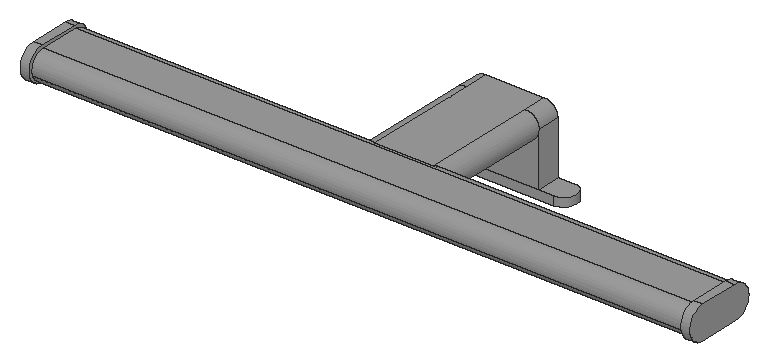
Revit family "0043241 Sylvania Lighting Fixture SYLMIRROR LED SLIM IP44 WW Horizontal mount", category Lighting Fixtures, host Face, Revit 2016
Family settings
  Host = Face
  Part Type = Normal
  Round Connector Dimension = Use Diameter
  OmniClass Number = 23.80.70.00
  OmniClass Title = Lighting
  Cut with Voids When Loaded = No
  Light Source = No
  Shared = No
  Room Calculation Point = No
Parameters (values of type "0043241 SYLMIRROR LED SLIM IP44 WW Horizontal mount")
  Weight = "1.236 kg"
  Wattage Comments = ""
  WarrantyStartDate [instance] = "n/a"
  WarrantyGuarantorParts = "n/a"
  WarrantyDurationUnit = "n/a"
  WarrantyDurationParts = "n/a"
  WarrantyDescription = "n/a"
  Voltage = 230 V
  URL = "http://www.sylvania-lighting.com"
  TypeName = "SYLMIRROR LED SLIM IP44 WW Horizontal mount"
  TypeLamp_SYÉ = SylMirror LED Slim : 0043241 SylMirror LED Slim
  Type Image = <None>
  Type Comments = "n/a"
  SerialNumber [instance] = "n/a"
  Material_3_FEILO = none
  PowerFactor = 0
  PowerConsumption = "8 W"
  NominalLength = 400 mm
  NominalHeight = 46.8 mm
  NominalDepth = 119.7 mm
  Name = "SYLMIRROR LED SLIM IP44 WW Horizontal mount"
  ModelReference = Name  # "SYLMIRROR LED SLIM IP44 WW Horizontal mount"
  ModelNumber = "0043241"
  Model = Name  # "SYLMIRROR LED SLIM IP44 WW Horizontal mount"
  Material = "aluminum housing, pc diffuser"
  ManufacturerName = "Feilo Sylvania"
  Manufacturer = "Feilo Sylvania"
  LuminousEfficacy = "70 lm/W"
  LuminaireType = ""
  LightOutputRatio = "100"
  LampsType = Lamp  # "LED"
  LampNominalLuminous = "560 lm"
  LampMacAdamStep = "6"
  LampColourTemperature = "3000 K"
  LampColourRenderingIndex = "80"
  Lamp = "LED"
  Keynote = "16500"
  InstallationDate [instance] = "n/a"
  InputVoltage = "220-240V~"
  InputNominalFrequency = "50/60 Hz"
  IngressProtection = "IP44"
  ImpactProtectionIndex = "IK03"
  IfcExportType = "IfcLightFixtureType"
  IfcExportAs = "IfcLightFixtureType"
  ExpectedLife = 50000
  ElectricShockClassification = "Class II"
  DurationUnit = "hours"
  DocumentationLiterature = "http://www.sylvania-lighting.com/product/en-int/products/0043241"
  DimmingControlOptions = "n/a"
  Material_2_FEILO = Diffuser-Sylvania-SylMirror
  Description = ""
  Default Elevation = 1219.2 mm
  CreatedOn = "7/17/2018"
  CreatedBy = "@sylvania-lighting.com"
  Cost = 0
  built-in parameter 1114216 [instance] = (empty or 0)
  ClassificationValue = "EF_70_80"
  ClassificationName = "Uniclass2015"
  Material_1_FEILO = Body-Sylvania-SylMirror
  BarCode [instance] = "n/a"
  AssetType = "Fixed"
  AssetIdentifier [instance] = "n/a"
  Assembly Code = "D5020200"
  Apparent Load = 8 VA
  Material_4_FEILO = none
Reference planes
  plane 1 "Center (Front/Back)": y = 0
  plane 2: z = 0
  plane 3 "Center (Left/Right)": x = 0
  plane 4: x = 200
  plane 5: x = -200
  plane 6: y = 7.5
  plane 7: y = -7.5
  plane 8: x = 42.5
  plane 9: x = -42.5
  plane 10: z = 45
  plane 11: z = 5
  plane 12: x = -25.5
  plane 13: x = 25.5
  plane 14: y = 7
  plane 15: y = -7
  plane 16: y = -112.2
  plane 17: z = 29
  plane 18: z = 46.8
  plane 19: z = 27.2
  plane 20: x = -35
  plane 21: x = 35
  plane 22: x = -17.5
  plane 23: x = 17.5
  plane 24: y = -68.6
  plane 25: x = 194.5
  plane 26: x = -194.5
  plane 27: z = 37
  plane 28: y = -90.4
  plane 29: z = 45.5
  plane 30: z = 28.5
  plane 31: y = -110.9
  plane 32: y = -69.9
  plane 33: y = -102.4
  plane 34: y = -78.4
  plane 35: z = 34
Forms (mm)
  Extrusion 1, solid, material "Body-Sylvania-SylMirror" <- "Material_1_FEILO"
    sketch origin (0, 0, 0) x (1, 0, 0) y (0, 1, 0)
      loop
        arc (-35, 7.5) -> (-42.5, 0) -> (-35, -7.5) r 7.5
        line (-35, -7.5) -> (35, -7.5)
        arc (35, -7.5) -> (42.5, 0) -> (35, 7.5) r 7.5
        line (35, 7.5) -> (-35, 7.5)
    from 0 to 5
Dimensions and locks
  locked: plane 10 to plane 2 at 45
  locked: plane 16 to plane 6 at 119.7
  locked: plane 11 to plane 2 at 5
  plane 15 to plane 1 "Center (Front/Back)" to plane 14 = 7 mm locked, 7 mm locked
  plane 7 to plane 1 "Center (Front/Back)" to plane 6 = 7.5 mm locked, 7.5 mm locked
  plane 5 to plane 3 "Center (Left/Right)" to plane 4 = 200 mm locked, 200 mm locked
  plane 12 to plane 3 "Center (Left/Right)" to plane 13 = 25.5 mm locked, 25.5 mm locked
  plane 9 to plane 3 "Center (Left/Right)" to plane 8 = 42.5 mm locked, 42.5 mm locked
  locked: plane 9 to plane 20 at 7.5
  locked: plane 21 to plane 8 at 7.5
  locked: plane 22 to plane 12 at 8
  locked: plane 13 to plane 23 at 8
  locked: plane 16 to plane 24 at 43.6
  locked: plane 5 to plane 26 at 5.5
  locked: plane 25 to plane 4 at 5.5
  locked: plane 27 to plane 10 at 8
  equal spacing: plane 17, plane 27, plane 10
  equal spacing: plane 19, plane 27, plane 18
  plane 19 to plane 18 = 19.6 mm
  locked: plane 16 to plane 28 at 21.8
  equal spacing: plane 30, plane 27, plane 29
  locked: plane 30 to plane 29 at 17
  equal spacing: plane 31, plane 28, plane 32
  locked: plane 16 to plane 31 at 1.3
  locked: plane 31 to plane 33 at 8.5
  locked: plane 34 to plane 32 at 8.5
  locked: plane 35 to plane 27 at 3
  aligned and locked: plane 2 to host face
  aligned and locked: level to host face
  aligned and locked: plane 20 to Extrusion 1 sketch curve  (x2)
  aligned and locked: plane 21 to Extrusion 1 sketch curve  (x2)
  aligned and locked: plane 7 to Extrusion 1 sketch curve  (x2)
  aligned and locked: plane 1 "Center (Front/Back)" to Extrusion 1 sketch curve
  aligned and locked: plane 6 to Extrusion 1 sketch curve
  aligned and locked: Extrusion 1 to plane 11
  aligned and locked: Extrusion 1 to level
  aligned and locked: plane 3 "Center (Left/Right)" to nested 1
  aligned and locked: plane 1 "Center (Front/Back)" to nested 1
Automatic sketch dimensions
  host sketch curve to host sketch curve = 2438.4 mm  (x2)
Nested families
  nested 1: "SylMirror LED Slim" at (0, 0, 0), type <- "TypeLamp_SYÉ", type "0043241 SylMirror LED Slim"
    with built-in parameter 1114216 (empty or 0)
Connectors
  electrical at (0, 0, 0), driven by "Apparent Load", driven by "PowerFactor", driven by "Voltage"
    settings: index 1, voltage 230 V, apparent load 8 VA, apparent load phase1 0 VA, apparent load phase2 0 VA, apparent load phase3 0 VA, power factor 0, load classification "Lighting", number of poles 1, system type 30, power factor state 1, is connector primary yes, connector utility no, sub classification motor no, connector description ""
Definition of nested family "SylMirror LED Slim"
  Parameters (values of type "0043213 SylMirror LED Slim")
    Wattage Comments = ""
    Wattage = 8 W
    built-in parameter 1150110 = 1 (stored number, unit not read)
    URL = "http://www.feilosylvania.com"
    Type Image = (empty or 0)
    Type Comments = "n/a"
    built-in parameter 1114217 = 1 (stored number, unit not read)
    Tilt Angle = -90.00°
    built-in parameter 1150109 = 1 (stored number, unit not read)
    built-in parameter 1150134 = 12
    built-in parameter 1150113 = 1 (stored number, unit not read)
    Photometric Web File = "0043213.IES"
    built-in parameter 1150142 = "﻿IESNA:LM-63-1995\r\n[TEST] 196188\r\n[DATE] 2017/9/27\r\n[MANUFAC] Feilo Sylvania\r\n[LUMCAT] W400C40-7 8W 4000K\r\n[LUMINAIRE] \r\n[LAMPCAT] \r\n[LAMP] \r\nTILT=NONE\r\n1 -1 1.0 37 13 1 2 0.033 0.390 0.010\r\n1 1 7.903\r\n0.0 5.0 10.0 15.0 20.0 25.0 30.0 35.0 40.0 45.0 50.0 55.0 60.0 65.0 70.0 75.0 80.0 85.0 90.0 95.0 100.0 105.0 110.0 115.0 120.0 125.0 130.0 135.0 140.0 145.0 150.0 155.0 160.0 165.0 170.0 175.0 180.0\r\n0.0 15.0 30.0 45.0 60.0 75.0 90.0 105.0 120.0 135.0 150.0 165.0 180.0 \r\n220.750 219.409 215.685 208.535 200.939 189.022 177.404 164.147 148.805 135.995 121.695 106.502 91.756 77.754 58.986 47.218 33.217 22.641 16.236 0.000 10.129 2.681 4.915 4.022 3.128 2.830 1.341 1.490 0.894 0.894 0.000 0.894 0.894 0.149 0.000 0.000 1.787\r\n214.642 212.557 209.131 201.832 196.023 185.447 175.319 163.551 148.805 134.952 119.163 105.459 91.309 76.711 59.284 46.623 33.068 22.045 14.597 0.149 6.405 2.681 4.767 3.575 3.426 1.936 0.894 1.787 0.298 0.745 0.000 0.149 0.149 0.149 0.298 1.043 1.043\r\n217.026 215.685 212.110 205.556 197.960 187.980 175.021 162.806 148.060 135.548 119.163 104.863 89.223 75.222 57.198 41.707 30.536 18.172 11.618 1.043 2.830 2.979 4.171 3.128 1.490 2.085 0.447 0.149 0.149 1.341 0.894 0.000 1.192 0.149 0.000 0.149 0.298\r\n218.664 216.430 212.259 206.897 198.406 187.831 176.212 162.062 149.252 133.909 118.269 102.331 88.032 72.243 56.453 39.622 25.918 15.491 7.895 2.234 2.681 1.638 2.532 1.341 1.192 0.745 0.000 0.298 0.298 0.298 0.000 0.447 1.341 0.000 0.000 0.000 0.298\r\n218.068 216.281 212.259 204.067 197.662 188.278 175.914 162.062 146.422 133.612 118.269 101.438 84.755 69.412 53.474 38.132 22.194 12.214 4.915 0.149 1.341 0.596 0.447 1.490 1.192 0.894 0.894 0.447 0.000 0.745 0.000 0.596 0.000 0.596 0.000 1.043 0.745\r\n215.089 215.089 209.578 204.514 195.576 187.384 174.872 162.806 146.719 129.739 115.737 99.352 82.520 67.774 51.836 35.153 19.811 7.895 1.043 0.000 1.341 1.192 0.000 0.000 0.000 1.341 0.000 0.745 0.745 0.000 0.000 0.447 1.341 0.000 0.000 0.000 0.447\r\n213.600 212.706 210.919 201.683 194.832 185.001 172.191 159.381 144.485 131.377 115.886 100.991 83.414 66.433 50.644 35.153 16.385 4.171 1.192 0.000 0.298 0.000 0.000 0.000 0.000 0.000 0.596 0.000 0.000 0.000 0.596 0.000 0.000 0.000 0.000 0.298 0.596\r\n215.089 215.089 209.578 204.514 195.576 187.384 174.872 162.806 146.719 129.739 115.737 99.352 82.520 67.774 51.836 35.153 19.811 7.895 1.043 0.000 1.341 1.192 0.000 0.000 0.000 1.341 0.000 0.745 0.745 0.000 0.000 0.447 1.341 0.000 0.000 0.000 0.447\r\n218.068 216.281 212.259 204.067 197.662 188.278 175.914 162.062 146.422 133.612 118.269 101.438 84.755 69.412 53.474 38.132 22.194 12.214 4.915 0.149 1.341 0.596 0.447 1.490 1.192 0.894 0.894 0.447 0.000 0.745 0.000 0.596 0.000 0.596 0.000 1.043 0.745\r\n218.664 216.430 212.259 206.897 198.406 187.831 176.212 162.062 149.252 133.909 118.269 102.331 88.032 72.243 56.453 39.622 25.918 15.491 7.895 2.234 2.681 1.638 2.532 1.341 1.192 0.745 0.000 0.298 0.298 0.298 0.000 0.447 1.341 0.000 0.000 0.000 0.298\r\n217.026 215.685 212.110 205.556 197.960 187.980 175.021 162.806 148.060 135.548 119.163 104.863 89.223 75.222 57.198 41.707 30.536 18.172 11.618 1.043 2.830 2.979 4.171 3.128 1.490 2.085 0.447 0.149 0.149 1.341 0.894 0.000 1.192 0.149 0.000 0.149 0.298\r\n214.642 212.557 209.131 201.832 196.023 185.447 175.319 163.551 148.805 134.952 119.163 105.459 91.309 76.711 59.284 46.623 33.068 22.045 14.597 0.149 6.405 2.681 4.767 3.575 3.426 1.936 0.894 1.787 0.298 0.745 0.000 0.149 0.149 0.149 0.298 1.043 1.043\r\n220.750 219.409 215.685 208.535 200.939 189.022 177.404 164.147 148.805 135.995 121.695 106.502 91.756 77.754 58.986 47.218 33.217 22.641 16.236 0.000 10.129 2.681 4.915 4.022 3.128 2.830 1.341 1.490 0.894 0.894 0.000 0.894 0.894 0.149 0.000 0.000 1.787\r\n"
    Material_3_SYL = none
    Model = ""
    Manufacturer = "Feilo Sylvania"
    built-in parameter 1150105 = 44.563 (stored number, unit not read)
    Lumens = 560 lm
    built-in parameter 1150115 = 1 (stored number, unit not read)
    built-in parameter 1150137 = (empty or 0)
    built-in parameter 1150139 = (empty or 0)
    built-in parameter 1150112 = 1 (stored number, unit not read)
    built-in parameter 1150114 = 1 (stored number, unit not read)
    Lamp = ""
    Keynote = "16500"
    built-in parameter 1150132 = (empty or 0)
    built-in parameter 1150102 = (empty or 0)
    built-in parameter 1150107 = 4000 (stored number, unit not read)
    built-in parameter 1150138 = (empty or 0)
    built-in parameter 1150106 = 0.44563 (stored number, unit not read)
    Emit from Rectangle Width = 41 mm
    Emit from Rectangle Length = 388 mm
    Emit Shape Visible in Rendering = no
    built-in parameter 1150104 = 6.5032 (stored number, unit not read)
    Material_2_SYL = none
    Dimming Lamp Color Temperature Shift = (empty or 0)
    Description = ""
    Default Elevation = 1219.2 mm
    Cost = 0
    Color Filter = 16777215
    built-in parameter 1114216 [instance] = (empty or 0)
    ClassificationValue_old = "EF_70_80"
    ClassificationName_old = "Uniclass2015"
    Material_1_SYL = none
    built-in parameter 1114218 = 1 (stored number, unit not read)
    built-in parameter 1150133 = 10 (stored number, unit not read)
    Assembly Code = "D5020200"
    Apparent Load = 0 VA
    Material_4_SYL = none
  Types (2, lengths in mm): name | built-in parameter 1150134 | Photometric Web File | built-in parameter 1150107 | Emit from Rectangle Width | Emit from Rectangle Length
    0043213 SylMirror LED Slim | 12 | "0043213.IES" | 4000 (stored number, unit not read) | 41 | 388
    0043241 SylMirror LED Slim | (empty or 0) | "0043241.IES" | 3000 (stored number, unit not read) | 40 | 389
  Reference planes
    plane 1 "Center (Front/Back)": y = 0
    plane 2: z = 0
    plane 3 "Center (Left/Right)": x = 0
    plane 4: x = 200
    plane 5: x = -200
    plane 6: y = 7.5
    plane 7: y = -7.5
    plane 8: x = 42.5
    plane 9: x = -42.5
    plane 10: z = 45
    plane 11: z = 5
    plane 12: x = -25.5
    plane 13: x = 25.5
    plane 14: y = 7
    plane 15: y = -7
    plane 16: y = -112.2
    plane 17: z = 29
    plane 18: z = 46.8
    plane 19: z = 27.2
    plane 20: x = -35
    plane 21: x = 35
    plane 22: x = -17.5
    plane 23: x = 17.5
    plane 24: y = -68.6
    plane 25: x = 194.5
    plane 26: x = -194.5
    plane 27: z = 37
    plane 28: y = -90.4
    plane 29: z = 45.5
    plane 30: z = 28.5
    plane 31: y = -110.9
    plane 32: y = -69.9
    plane 33: y = -102.4
    plane 34: y = -78.4
    plane 35: z = 34
  Forms (mm)
    Extrusion 1, solid
      sketch origin (4.2, 0, 0) x (1, 0, 0) y (0, 1, 0)
        loop
          line (-1219.2, 1219.2) -> (-1219.2, -1219.2) -> (1219.2, -1219.2) -> (1219.2, 1219.2) -> (-1219.2, 1219.2)
      from 0 to -68.017
    Extrusion 2, solid, material <- "Material_1_SYL"
      sketch origin (0, 0, 0) x (1, 0, 0) y (0, 0, 1)
        loop
          line (-25.5, 5) -> (25.5, 5) -> (25.5, 37)
          arc (25.5, 37) -> (23.157, 42.657) -> (17.5, 45) r 8
          line (17.5, 45) -> (-17.5, 45)
          arc (-17.5, 45) -> (-23.157, 42.657) -> (-25.5, 37) r 8
          line (-25.5, 37) -> (-25.5, 5)
      from -7 to 7
    Extrusion 3, solid, material <- "Material_1_SYL"
      sketch origin (1524, -7, 1219.2) x (1, 0, 0) y (0, 0, 1)
        loop
          arc (-1541.5, -1174.2) -> (-1549.5, -1182.2) -> (-1541.5, -1190.2) r 8
          line (-1541.5, -1190.2) -> (-1506.5, -1190.2)
          arc (-1506.5, -1190.2) -> (-1498.5, -1182.2) -> (-1506.5, -1174.2) r 8
          line (-1506.5, -1174.2) -> (-1541.5, -1174.2)
      from 0 to 83.4
    Extrusion 4, solid, material <- "Material_1_SYL"
      sketch origin (0, 0, 0) x (0, 1, 0) y (0, 0, 1)
        loop
          arc (-102.4, 45.5) -> (-109.391, 41.835) -> (-110.353, 34) r 8.5
          line (-110.353, 34) -> (-70.447, 34)
          arc (-70.447, 34) -> (-71.409, 41.835) -> (-78.4, 45.5) r 8.5
          line (-78.4, 45.5) -> (-102.4, 45.5)
      from -194.5 to 194.5
    Extrusion 5, solid, material <- "Material_1_SYL"
      sketch origin (-200, 1524, 1219.2) x (0, 1, 0) y (0, 0, 1)
        loop
          line (-1626.4, -1192) -> (-1602.4, -1192)
          arc (-1602.4, -1192) -> (-1592.6, -1182.2) -> (-1602.4, -1172.4) r 9.8
          line (-1602.4, -1172.4) -> (-1626.4, -1172.4)
          arc (-1626.4, -1172.4) -> (-1636.2, -1182.2) -> (-1626.4, -1192) r 9.8
      from 0 to 5.5
    Extrusion 6, solid, material <- "Material_1_SYL"
      sketch origin (200, 1524, 1219.2) x (0, 1, 0) y (0, 0, 1)
        loop
          line (-1602.4, -1172.4) -> (-1626.4, -1172.4)
          arc (-1626.4, -1172.4) -> (-1636.2, -1182.2) -> (-1626.4, -1192) r 9.8
          line (-1626.4, -1192) -> (-1602.4, -1192)
          arc (-1602.4, -1192) -> (-1592.6, -1182.2) -> (-1602.4, -1172.4) r 9.8
      from 0 to -5.5
    Extrusion 7, solid, material <- "Material_2_SYL"
      sketch origin (0, 0, 0) x (0, 1, 0) y (0, 0, 1)
        loop
          line (-102.4, 28.5) -> (-78.4, 28.5)
          arc (-78.4, 28.5) -> (-73.565, 30.009) -> (-70.447, 34) r 8.5
          line (-70.447, 34) -> (-110.353, 34)
          arc (-110.353, 34) -> (-107.235, 30.009) -> (-102.4, 28.5) r 8.5
      from -194.5 to 194.5
  Cuts and joins
    joined: Extrusion 2, Extrusion 3, Extrusion 4
  Dimensions and locks
    locked: plane 10 to plane 2 at 45
    locked: plane 16 to plane 6 at 119.7
    locked: plane 11 to plane 2 at 5
    plane 15 to plane 1 "Center (Front/Back)" to plane 14 = 7 mm locked, 7 mm locked
    plane 7 to plane 1 "Center (Front/Back)" to plane 6 = 7.5 mm locked, 7.5 mm locked
    plane 5 to plane 3 "Center (Left/Right)" to plane 4 = 200 mm locked, 200 mm locked
    plane 12 to plane 3 "Center (Left/Right)" to plane 13 = 25.5 mm locked, 25.5 mm locked
    plane 9 to plane 3 "Center (Left/Right)" to plane 8 = 42.5 mm locked, 42.5 mm locked
    locked: plane 9 to plane 20 at 7.5
    locked: plane 21 to plane 8 at 7.5
    locked: plane 22 to plane 12 at 8
    locked: plane 13 to plane 23 at 8
    locked: plane 16 to plane 24 at 43.6
    locked: plane 5 to plane 26 at 5.5
    locked: plane 25 to plane 4 at 5.5
    locked: plane 27 to plane 10 at 8
    equal spacing: plane 17, plane 27, plane 10
    equal spacing: plane 19, plane 27, plane 18
    plane 19 to plane 18 = 19.6 mm
    locked: plane 16 to plane 28 at 21.8
    equal spacing: plane 30, plane 27, plane 29
    locked: plane 30 to plane 29 at 17
    equal spacing: plane 31, plane 28, plane 32
    locked: plane 16 to plane 31 at 1.3
    locked: plane 31 to plane 33 at 8.5
    locked: plane 34 to plane 32 at 8.5
    locked: plane 35 to plane 27 at 3
    aligned and locked: plane 2 to Extrusion 1
    aligned and locked: level to Extrusion 1
    aligned and locked: plane 12 to Extrusion 2 sketch curve
    aligned and locked: Extrusion 2 sketch curve to plane 13
    aligned and locked: plane 10 to Extrusion 2 sketch curve  (x2)
    aligned and locked: plane 11 to Extrusion 2 sketch curve
    aligned and locked: plane 15 to Extrusion 2
    aligned and locked: Extrusion 2 to plane 14
    aligned and locked: Extrusion 2 to Extrusion 3 sketch curve
    aligned and locked: plane 17 to Extrusion 3 sketch curve  (x2)
    aligned and locked: Extrusion 3 sketch curve to Extrusion 2
    aligned and locked: Extrusion 3 to plane 15
    aligned and locked: plane 28 to Extrusion 3
    aligned and locked: plane 33 to Extrusion 4 sketch curve
    aligned and locked: plane 34 to Extrusion 4 sketch curve
    aligned and locked: plane 27 to Extrusion 4 sketch curve  (x2)
    aligned and locked: plane 25 to Extrusion 4
    aligned and locked: Extrusion 4 to plane 26
    aligned and locked: plane 33 to Extrusion 5 sketch curve  (x2)
    aligned and locked: plane 34 to Extrusion 5 sketch curve  (x2)
    aligned and locked: plane 27 to Extrusion 5 sketch curve  (x2)
    aligned and locked: plane 18 to Extrusion 5 sketch curve
    aligned and locked: Extrusion 5 sketch curve to plane 19
    aligned and locked: plane 26 to Extrusion 5
    aligned and locked: Extrusion 5 to plane 5
    aligned and locked: Extrusion 6 sketch curve to Extrusion 5  (x2)
    aligned and locked: Extrusion 6 to plane 25
    aligned and locked: plane 4 to Extrusion 6
    aligned and locked: Extrusion 4 sketch curve to plane 35
    aligned and locked: plane 30 to Extrusion 7 sketch curve
    aligned and locked: cut or joined group of Extrusion 2, Extrusion 3, Extrusion 4 to Extrusion 7 sketch curve
    aligned and locked: Extrusion 7 sketch curve to cut or joined group of Extrusion 2, Extrusion 3, Extrusion 4
    aligned and locked: plane 33 to Extrusion 7 sketch curve
    aligned and locked: plane 27 to Extrusion 7 sketch curve  (x2)
    aligned and locked: plane 34 to Extrusion 7 sketch curve
    aligned and locked: plane 25 to Extrusion 7
    aligned and locked: Extrusion 7 to plane 26
    aligned and locked: plane 3 "Center (Left/Right)" to imposter light
    aligned and locked: plane 30 to imposter light
    aligned and locked: plane 28 to imposter light
  Automatic sketch dimensions
    Extrusion 1 sketch curve to Extrusion 1 sketch curve = 2438.4 mm  (x2)
    Extrusion 2 sketch curve to plane 22 = 0 mm
    Extrusion 2 sketch curve to plane 23 = 0 mm
    Extrusion 3 sketch curve to plane 22 = 0 mm
    Extrusion 3 sketch curve to plane 23 = 0 mm
    plane 29 to Extrusion 4 sketch curve = 0 mm
